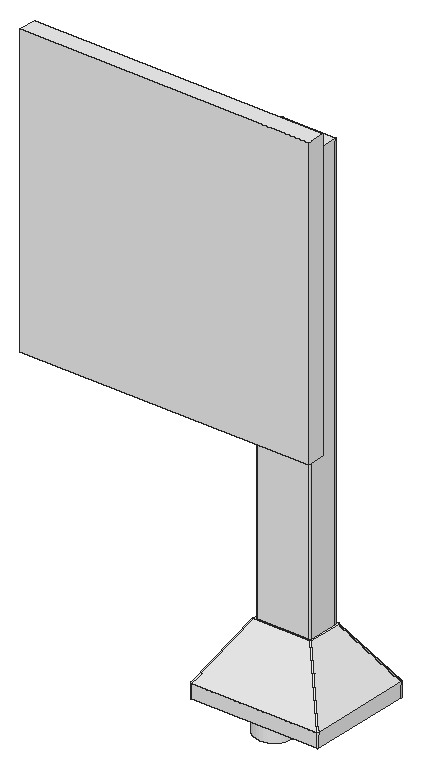
Revit family "Showerhead_Contemporary_Lloyd_8in-Rain_TS930A1_A1L_TOTO", category Plumbing Fixtures, host Face, Revit 2013
Parameters (values of type "TS930A1L")
  ecoScorecard_data = " "
  ecoScorecard Product Page = "  "
  Width = 7 7/8"  # constant formula
  Waste Connection = no
  Warranty URL = "http://www.totousa.com/Support/WarrantyInformation.aspx"
  Warranty = "Lifetime Limited Warranty (Residential Use); One Year Limited (Commercial Use)"
  WFU = 0
  Vent Connection = no
  URL = "Lifetime Limited Warranty (Residential Use); One Year Limited (Commercial Use)"
  Toto BIM Number = "BM-00111"  # constant formula
  Tempered Water Connection Diameter = Tempered Water Connection NPT * 2  # 1"
  Tempered Water Connection NPT = 1/2"
  Subcategory = "Showers"
  Style = "Contemporary"  # constant formula
  Spec Sheet URL = "http://assets.totousa.com/product-files/SS-00322_TS930A1.pdf"
  Shipping Weight = 12.20 lbf
  Series = "Lloyd"
  Product Page URL = " "
  Parts Manual URL = " "
  Owners Manual URL = "  "
  Model = "TS930A1"  # constant formula
  Manufacturer Toll Free Phone = "1-888-295-8134"  # constant formula
  Manufacturer Phone = "(770) 282-8686 "  # constant formula
  Manufacturer Fax = "(770) 282-0002"  # constant formula
  Manufacturer Email = "mailto:custservice@totousa.com "
  Manufacturer Address = "1155 Southern Road, Morrow, Georgia 30260"  # constant formula
  Manufacturer = "TOTO USA, Inc."
  Installation URL = " "
  Hot Water Connector = "Hot Water Connection"  # constant formula
  Hot Water Connection Radius = 1/2"
  Hot Water Connection Diameter = Hot Water Connection Radius * 2  # 1"
  Height = 5 15/16"  # constant formula
  HWFU = 0
  HW Connection = yes
  Flow Rate = 1.75 GPM
  Finish = Metal - TOTO - Chrome - Polished
  Description = "Rain Showerhead 8\",\",\",http://www.totousa.com\""
  Depth = 16 15/16"  # constant formula
  Default Elevation = 77"
  Cost Info = "http://www.totousa.com/Portals/0/ProductDownloads/0GU4103_SQUARE_SHOWERHEADS_IM_OM.pdf"
  Color Availability = "#CP Polished Chrome, #BN Brushed Nickel, #PN Polished Nickel"  # constant formula
  Cold Water Connector = "Cold Water Connection"  # constant formula
  Cold Water Connection Radius = 1/2"
  Cold Water Connection Diameter = Cold Water Connection Radius * 2  # 1"
  CWFU = 0
  CW Connection = no
  CAD Drawing URL = "http://assets.totousa.com/product-files/AD-00301_TS930A1_L.dxf"
  Assembly Code = "D2010710"
  95 CSI = "15416"  # constant formula
  04 CSI = "22 41 39"  # constant formula
Reference planes (in)
  plane 1 "Center (Front/Back)": y = 0
  plane 2: z = 0
  plane 3 "Center (Left/Right)": x = 0
  plane 4: z = 0.38
  plane 5: y = 1.4375
  plane 6: y = -1.4375
  plane 7: x = 1.75
  plane 8: x = -1.75
  plane 9: z = 1.875
  plane 10: z = 13
  plane 11: z = 13.75
  plane 12: y = -4.5
  plane 13: y = -4
  plane 14: x = 3.9375
  plane 15: x = -3.9375
  plane 16: z = 16.9375
  plane 17: z = 9.0625
Dimensions and locks (in)
  plane 8 to plane 3 "Center (Left/Right)" to plane 7 = 1 3/4" locked, 1 3/4" locked
  locked: plane 4 to plane 2 at 0.38
  locked: plane 9 to plane 2 at 1.875
  locked: plane 10 to plane 2 at 13
  locked: plane 11 to plane 10 at 0.75
  locked: plane 12 to plane 1 "Center (Front/Back)" at 4.5
  locked: plane 12 to plane 13 at 0.5
  equal spacing: plane 15, plane 3 "Center (Left/Right)", plane 14
  "Width": plane 15 to plane 14
  locked: plane 16 to plane 17 at 7.875
  "Depth": plane 16 to plane 2
  "Height": plane 12 to plane 5
  locked: plane 5 to plane 6 at 2.875
  aligned and locked: plane 2 to host face
  aligned and locked: level to host face
  aligned and locked: plane 3 "Center (Left/Right)" to nested 1
  aligned and locked: plane 1 "Center (Front/Back)" to nested 1
Automatic sketch dimensions
  host sketch curve to host sketch curve = 96"  (x2)
Nested families (in)
  nested 1: "TS930A1L" at (0, 0, 0), type "TS930A1L"
    with Flow Pressure 0.00 psi
Connectors (in)
  piping at (0, 0.73437, -0.5), driven by "Cold Water Connection Radius", driven by "CW Connection", driven by "CW Connection", driven by "CWFU", driven by "Cold Water Connector"
    settings: on nested 1, index 1, connector radius 1/2", flow factor 0, pipe flow 0.00 GPM, pressure drop 0.00 psi, fitting loss kfactor 0, connector angle 0.00°, fixture units 0, engagement length 0", flow configuration 3, flow direction 1, fitting loss method 0, system type 20, joint type 0, gender type 0, connector reference index -1, connector utility 0, adjustable connector no, is connector primary yes, fitting loss table "", connector description "Cold Water Connection"
  piping at (0, -0.73438, -0.5), driven by "Hot Water Connector", driven by "HW Connection", driven by "Hot Water Connection Radius", driven by "HW Connection", driven by "HWFU"
    settings: on nested 1, index 2, connector radius 1/2", flow factor 0, pipe flow 0.00 GPM, pressure drop 0.00 psi, fitting loss kfactor 0, connector angle 0.00°, fixture units 0, engagement length 0", flow configuration 3, flow direction 1, fitting loss method 0, system type 19, joint type 0, gender type 0, connector reference index -1, connector utility 1, adjustable connector yes, is connector primary no, fitting loss table "", connector description "Hot Water Connection"
Definition of nested family "TS930A1L"
  Parameters (values of type "TS930A1L")
    Waste Connection = no
    WFU = 0
    Vent Connection = yes
    URL = ""
    Tempered Water Connection Radius = Tempered Water Connection NPT / 2  # 1/4"
    Tempered Water Connection NPT = 1/2"
    Showerhead Material = Metal - TOTO - Chrome - Polished
    Nominal Width = 7 7/8"  # constant formula
    Nominal Height = 5 15/16"  # constant formula
    Nominal Depth = 16 15/16"  # constant formula
    Model = ""
    Manufacturer = ""
    HWFU = 0
    HW Connection = yes
    Flow Pressure [instance] = 0.00 psi
    Description = ""
    Default Elevation = 77"
    CWFU = 0
    CW Connection = yes
    Assembly Code = ""
  Reference planes (in)
    plane 1 "Center (Front/Back)": y = 0
    plane 2: z = 0
    plane 3 "Center (Left/Right)": x = 0
    plane 4: z = 0.38
    plane 5: y = 1.4375
    plane 6: y = -1.4375
    plane 7: x = 1.75
    plane 8: x = -1.75
    plane 9: z = 1.875
    plane 10: z = 13
    plane 11: z = 13.75
    plane 12: y = -4.5
    plane 13: y = -4
    plane 14: x = 3.9375
    plane 15: x = -3.9375
    plane 16: z = 16.9375
    plane 17: z = 9.0625
  Forms (in)
    Extrusion 1, solid
      sketch origin (0, 0, 0) x (1, 0, 0) y (0, 1, 0)
        loop
          line (-48, 48) -> (-48, -48) -> (48, -48) -> (48, 48) -> (-48, 48)
      from 0 to -12
    Extrusion 2, solid, material "Metal - TOTO - Chrome - Polished" <- "Showerhead Material", detail levels fine
      sketch origin (0, 0, 0) x (1, 0, 0) y (0, 1, 0)
        loop
          line (-1.71094, -1.4375) -> (1.71094, -1.4375)
          arc (1.71094, -1.4375) -> (1.73856, -1.42606) -> (1.75, -1.39844) r 0.03906
          line (1.75, -1.39844) -> (1.75, 1.39844)
          arc (1.75, 1.39844) -> (1.73856, 1.42606) -> (1.71094, 1.4375) r 0.03906
          line (1.71094, 1.4375) -> (-1.71094, 1.4375)
          arc (-1.71094, 1.4375) -> (-1.73856, 1.42606) -> (-1.75, 1.39844) r 0.03906
          line (-1.75, 1.39844) -> (-1.75, -1.39844)
          arc (-1.75, -1.39844) -> (-1.73856, -1.42606) -> (-1.71094, -1.4375) r 0.03906
      from 0 to 0.38
    Blend 3, solid, material "Metal - TOTO - Chrome - Polished" <- "Showerhead Material", detail levels fine
      base sketch origin (3.25, -180, 0.38) x (-1, 0, 0) y (0, -1, 0)
        loop
          line (5, -181.39844) -> (5, -178.60156)
          arc (5, -178.60156) -> (4.98856, -178.57394) -> (4.96094, -178.5625) r 0.03906
          line (4.96094, -178.5625) -> (1.53906, -178.5625)
          arc (1.53906, -178.5625) -> (1.51144, -178.57394) -> (1.5, -178.60156) r 0.03906
          line (1.5, -178.60156) -> (1.5, -181.39844)
          arc (1.5, -181.39844) -> (1.51144, -181.42606) -> (1.53906, -181.4375) r 0.03906
          line (1.53906, -181.4375) -> (4.96094, -181.4375)
          arc (4.96094, -181.4375) -> (4.98856, -181.42606) -> (5, -181.39844) r 0.03906
      top sketch origin (3.25, -180, 0.38) x (-1, 0, 0) y (0, -1, 0)
        loop
          line (2.48906, -180.49) -> (4.01094, -180.49)
          arc (4.01094, -180.49) -> (4.03856, -180.47856) -> (4.05, -180.45094) r 0.03906
          line (4.05, -180.45094) -> (4.05, -179.54906)
          arc (4.05, -179.54906) -> (4.03856, -179.52144) -> (4.01094, -179.51) r 0.03906
          line (4.01094, -179.51) -> (2.48906, -179.51)
          arc (2.48906, -179.51) -> (2.46144, -179.52144) -> (2.45, -179.54906) r 0.03906
          line (2.45, -179.54906) -> (2.45, -180.45094)
          arc (2.45, -180.45094) -> (2.46144, -180.47856) -> (2.48906, -180.49) r 0.03906
      from 0 to 1.495
    Extrusion 4, solid, material "Metal - TOTO - Chrome - Polished" <- "Showerhead Material", detail levels fine
      sketch origin (3.25, -180, 1.875) x (-1, 0, 0) y (0, -1, 0)
        loop
          arc (2.51, -180.40594) -> (2.52144, -180.43356) -> (2.54906, -180.445) r 0.03906
          line (2.54906, -180.445) -> (3.95094, -180.445)
          arc (3.95094, -180.445) -> (3.97856, -180.43356) -> (3.99, -180.40594) r 0.03906
          line (3.99, -180.40594) -> (3.99, -179.59406)
          arc (3.99, -179.59406) -> (3.97856, -179.56644) -> (3.95094, -179.555) r 0.03906
          line (3.95094, -179.555) -> (2.54906, -179.555)
          arc (2.54906, -179.555) -> (2.52144, -179.56644) -> (2.51, -179.59406) r 0.03906
          line (2.51, -179.59406) -> (2.51, -180.40594)
      from 0 to 11.875
    Extrusion 5, solid, material "Metal - TOTO - Chrome - Polished" <- "Showerhead Material"
      sketch origin (1.5, -4.5, 48) x (-1, 0, 0) y (0, 0, -1)
        loop
          line (-2.4375, 38.9375) -> (-2.4375, 31.0625) -> (5.4375, 31.0625) -> (5.4375, 38.9375) -> (-2.4375, 38.9375)
      from 0 to -0.5
    Revolve 6, solid, material "Metal - TOTO - Chrome - Polished" <- "Showerhead Material", detail levels fine
      sketch origin (3.25, -180, 13) x (-1, 0, 0) y (0, -1, 0)
        loop
          line (3.25, -176) -> (2.22, -176) -> (2.22, -176.70609)
          arc (2.22, -176.70609) -> (2.22993, -176.73007) -> (2.25391, -176.74) r 0.03391
          line (2.25391, -176.74) -> (2.45, -176.74) -> (2.45, -177.76016) -> (2.53, -178.15016) -> (2.73828, -178.15016) -> (2.73828, -178.90063) -> (2.58984, -178.90063) -> (2.58984, -179.555) -> (3.25, -179.555) -> (3.25, -176)
        axis (3.25, -179.555) -> (3.25, -176)
      angle from 0 to 360
    Extrusion 7, solid, material "Metal - TOTO - Chrome - Polished" <- "Showerhead Material"
      sketch origin (0, 0, 0) x (1, 0, 0) y (0, 1, 0)
        loop
          circle (0, 0.73437) r 0.5
        loop
          circle (0, -0.73438) r 0.5
      from 0 to -0.5
    Extrusion 8, solid, material "Metal - TOTO - Chrome - Polished" <- "Showerhead Material", detail levels coarse+medium
      sketch origin (0, 0, 0) x (0, 1, 0) y (0, 0, 1)
        loop
          line (1.4375, 0) -> (1.4375, 14.03) -> (-4, 14.03) -> (-4, 11.97) -> (-1.4375, 11.97) -> (-1.4375, 0) -> (1.4375, 0)
      from -1.75 to 1.75
  Lines and regions (in)
    symbolic lines, detail levels coarse
      curve 1: line (-1.75, 1.4375, 0) -> (1.75, 1.4375, 0)
      curve 2: line (-1.75, -1.4375, 0) -> (-1.75, 1.4375, 0)
      curve 3: line (-1.75, -1.4375, 0) -> (1.75, -1.4375, 0)
      curve 4: line (1.75, -1.4375, 0) -> (1.75, 1.4375, 0)
    symbolic lines
      curve 5: line (-1.03, -4, 0) -> (-1.03, -3.29391, 0)
      curve 6: line (1.03, -4, 0) -> (1.03, -3.29391, 0)
      curve 7: line (-3.9375, -4, 0) -> (3.9375, -4, 0)
      curve 8: line (-3.9375, -4.5, 0) -> (3.9375, -4.5, 0)
      curve 9: line (-3.9375, -4.5, 0) -> (-3.9375, -4, 0)
      curve 10: line (3.9375, -4.5, 0) -> (3.9375, -4, 0)
      curve 12: line (-1.71094, 1.4375, 0) -> (1.71094, 1.4375, 0)
      curve 14: line (1.75, 1.39844, 0) -> (1.75, -1.39844, 0)
      curve 16: line (1.71094, -1.4375, 0) -> (-1.71094, -1.4375, 0)
      curve 18: line (-1.75, -1.39844, 0) -> (-1.75, 1.39844, 0)
      curve 43: line (3.9375, 0, 16.9375) -> (-3.9375, 0, 16.9375)
      curve 44: line (-3.9375, 0, 9.0625) -> (-3.9375, 0, 16.9375)
      curve 45: line (3.9375, 0, 9.0625) -> (3.9375, 0, 16.9375)
      curve 46: line (3.9375, 0, 9.0625) -> (1.75, 0, 9.0625)
      curve 49: line (-1.75, 0, 0) -> (1.75, 0, 0)
      curve 61: arc (-0.70597, 0, 13.75) -> (0, 0, 14.03) -> (0.70597, 0, 13.75) r 1.03
      curve 67: line (-1.75, 0, 9.0625) -> (-3.9375, 0, 9.0625)
      curve 68: line (0, -4.5, 9.0625) -> (0, -4.5, 16.9375)
      curve 69: line (0, -4, 9.0625) -> (0, -4, 16.9375)
      curve 70: line (0, -4.5, 16.9375) -> (0, -4, 16.9375)
      curve 71: line (0, -4.5, 9.0625) -> (0, -4, 9.0625)
      curve 72: line (0, 1.4375, 0) -> (0, 1.4375, 0.38)
      curve 73: line (0, -1.4375, 0) -> (0, -1.4375, 0.38)
      curve 74: line (0, -4, 14.03) -> (0, -3.29427, 14.03)
      curve 75: line (0, 1.4375, 0) -> (0, -1.4375, 0)
      curve 96: line (0, -3.29339, 11.97) -> (0, -4, 11.97)
    symbolic lines, detail levels medium+fine
      curve 11: arc (-1.75, 1.39844, 0) -> (-1.73856, 1.42606, 0) -> (-1.71094, 1.4375, 0) r 0.03906
      curve 13: arc (1.71094, 1.4375, 0) -> (1.73856, 1.42606, 0) -> (1.75, 1.39844, 0) r 0.03906
      curve 15: arc (1.75, -1.39844, 0) -> (1.73856, -1.42606, 0) -> (1.71094, -1.4375, 0) r 0.03906
      curve 17: arc (-1.71094, -1.4375, 0) -> (-1.73856, -1.42606, 0) -> (-1.75, -1.39844, 0) r 0.03906
      curve 39: arc (-0.99609, -3.26, 0) -> (-1.02007, -3.26993, 0) -> (-1.03, -3.29391, 0) r 0.03391
      curve 40: arc (0.99609, -3.26, 0) -> (1.02007, -3.26993, 0) -> (1.03, -3.29391, 0) r 0.03391
      curve 50: line (1.75, 0, 0) -> (1.75, 0, 0.38)
      curve 51: line (-1.75, 0, 0) -> (-1.75, 0, 0.38)
      curve 57: line (0.74, 0, 13.75) -> (-0.74, 0, 13.75)
      curve 64: line (-0.74, 0, 9.0625) -> (-1.75, 0, 9.0625)
      curve 66: line (1.75, 0, 9.0625) -> (0.74, 0, 9.0625)
      curve 94: arc (0, -3.26, 12.00339) -> (0, -3.26978, 11.97978) -> (0, -3.29339, 11.97) r 0.03339
    symbolic lines, detail levels fine
      curve 19: line (-0.8, 0.45094, 0) -> (-0.8, -0.45094, 0)
      curve 20: arc (-0.8, -0.45094, 0) -> (-0.78856, -0.47856, 0) -> (-0.76094, -0.49, 0) r 0.03906
      curve 21: line (-0.76094, -0.49, 0) -> (0.76094, -0.49, 0)
      curve 22: arc (0.76094, -0.49, 0) -> (0.78856, -0.47856, 0) -> (0.8, -0.45094, 0) r 0.03906
      curve 23: line (0.8, -0.45094, 0) -> (0.8, 0.45094, 0)
      curve 24: arc (0.8, 0.45094, 0) -> (0.78856, 0.47856, 0) -> (0.76094, 0.49, 0) r 0.03906
      curve 25: line (0.76094, 0.49, 0) -> (-0.76094, 0.49, 0)
      curve 26: arc (-0.76094, 0.49, 0) -> (-0.78856, 0.47856, 0) -> (-0.8, 0.45094, 0) r 0.03906
      curve 27: line (0.66016, -1.09937, 0) -> (-0.66016, -1.09937, 0)
      curve 28: line (-0.66016, -1.09937, 0) -> (-0.66016, -0.49, 0)
      curve 29: line (0.66016, -1.09937, 0) -> (0.66016, -0.49, 0)
      curve 30: line (-0.51172, -1.84984, 0) -> (-0.51172, -1.09937, 0)
      curve 31: line (0.51172, -1.84984, 0) -> (0.51172, -1.09937, 0)
      curve 32: line (0.72, -1.84984, 0) -> (-0.72, -1.84984, 0)
      curve 33: line (-0.8, -2.23984, 0) -> (0.8, -2.23984, 0)
      curve 34: line (0.99609, -3.26, 0) -> (-0.99609, -3.26, 0)
      curve 35: line (-0.8, -3.26, 0) -> (-0.8, -2.23984, 0)
      curve 36: line (0.8, -3.26, 0) -> (0.8, -2.23984, 0)
      curve 37: line (-0.8, -2.23984, 0) -> (-0.72, -1.84984, 0)
      curve 38: line (0.8, -2.23984, 0) -> (0.72, -1.84984, 0)
      curve 52: line (1.75, 0, 0.38) -> (0.8, 0, 1.875)
      curve 53: line (0.8, 0, 1.875) -> (-0.8, 0, 1.875)
      curve 54: line (-1.75, 0, 0.38) -> (-0.8, 0, 1.875)
      curve 55: line (1.75, 0, 0.38) -> (-1.75, 0, 0.38)
      curve 56: line (0.74, 0, 1.875) -> (0.74, 0, 13.75)
      curve 58: line (-0.74, 0, 13.75) -> (-0.74, 0, 1.875)
      curve 59: arc (-1.03, 0, 13) -> (-0.95475, 0, 13.38646) -> (-0.74, 0, 13.71645) r 1.03
      curve 60: arc (1.03, 0, 13) -> (0.95475, 0, 12.61354) -> (0.74, 0, 12.28355) r 1.03
      curve 62: arc (0.74, 0, 13.71645) -> (0.95475, 0, 13.38646) -> (1.03, 0, 13) r 1.03
      curve 63: arc (-0.74, 0, 12.28355) -> (-0.95475, 0, 12.61354) -> (-1.03, 0, 13) r 1.03
      curve 77: line (0, 1.4375, 0.38) -> (0, -1.4375, 0.38)
      curve 78: line (0, 0.49, 1.875) -> (0, -0.49, 1.875)
      curve 79: line (0, 0.445, 13.75) -> (0, -0.445, 13.75)
      curve 80: line (0, 0.445, 13.75) -> (0, 0.445, 1.875)
      curve 81: line (0, -0.445, 13.75) -> (0, -0.445, 1.875)
      curve 82: line (0, 1.4375, 0.38) -> (0, 0.49, 1.875)
      curve 83: line (0, -1.4375, 0.38) -> (0, -0.49, 1.875)
      curve 86: line (0, -1.09937, 13.66016) -> (0, -0.445, 13.66016)
      curve 87: line (0, -1.09937, 12.33984) -> (0, -0.445, 12.33984)
      curve 88: line (0, -1.09937, 12.33984) -> (0, -1.09937, 13.66016)
      curve 89: line (0, -1.84984, 13.51172) -> (0, -1.09937, 13.51172)
      curve 90: line (0, -1.84984, 12.48828) -> (0, -1.09937, 12.48828)
      curve 91: line (0, -1.84984, 13.72) -> (0, -1.84984, 12.28)
      curve 92: line (0, -2.23984, 13.8) -> (0, -2.23984, 12.2)
      curve 93: line (0, -3.26, 12.00339) -> (0, -3.26, 13.99573)
      curve 95: arc (0, -3.26, 13.99573) -> (0, -3.27004, 14.01996) -> (0, -3.29427, 14.03) r 0.03427
      curve 98: line (0, -1.84984, 13.72) -> (0, -2.23984, 13.8)
      curve 99: line (0, -1.84984, 12.28) -> (0, -2.23984, 12.2)
      curve 100: line (0, -2.23984, 13.8) -> (0, -3.26, 13.8)
      curve 101: line (0, -2.23984, 12.2) -> (0, -3.26, 12.2)
    symbolic lines, detail levels coarse+medium
      curve 41: line (-1.03, -3.29391, 0) -> (-1.03, -1.4375, 0)
      curve 42: line (1.03, -3.29391, 0) -> (1.03, -1.4375, 0)
      curve 47: line (-1.75, 0, 0) -> (-1.75, 0, 13.75)
      curve 48: line (1.75, 0, 0) -> (1.75, 0, 13.75)
      curve 65: line (1.75, 0, 13.75) -> (-1.75, 0, 13.75)
      curve 76: line (0, -1.4375, 11.97) -> (0, -3.29339, 11.97)
      curve 84: line (0, -1.4375, 0.38) -> (0, -1.4375, 14.03)
      curve 85: line (0, 1.4375, 0.38) -> (0, 1.4375, 14.03)
      curve 97: line (0, -3.29427, 14.03) -> (0, 1.4375, 14.03)
  Dimensions and locks (in)
    plane 8 to plane 3 "Center (Left/Right)" to plane 7 = 1 3/4" locked, 1 3/4" locked
    locked: plane 4 to plane 2 at 0.38
    locked: plane 9 to plane 2 at 1.875
    Blend 3 sketch curve to plane 3 "Center (Left/Right)" to Blend 3 sketch curve = 0.8" locked, 0.8" locked
    Blend 3 sketch curve to plane 1 "Center (Front/Back)" to Blend 3 sketch curve = 0.49" locked, 0.49" locked
    locked: plane 10 to plane 2 at 13
    locked: plane 11 to plane 10 at 0.75
    Extrusion 4 sketch curve to plane 3 "Center (Left/Right)" to Extrusion 4 sketch curve = 0.74" locked, 0.74" locked
    Extrusion 4 sketch curve to plane 1 "Center (Front/Back)" to Extrusion 4 sketch curve = 0.445" locked, 0.445" locked
    locked: plane 12 to plane 1 "Center (Front/Back)" at 4.5
    locked: plane 12 to plane 13 at 0.5
    equal spacing: plane 15, plane 3 "Center (Left/Right)", plane 14
    "Nominal Width": plane 15 to plane 14
    plane 3 "Center (Left/Right)" to Revolve 6 sketch curve to Revolve 6 sketch curve to Revolve 6 sketch curve to Revolve 6 sketch curve = 131/256" locked, 19/128" locked, 0.13984" locked, 0.23" locked
    locked: plane 13 to Revolve 6 sketch curve at 1.76016
    plane 13 to Revolve 6 sketch curve to Revolve 6 sketch curve to Revolve 6 sketch curve = 0.74" locked, 1 105/256" locked, 0.75047" locked
    plane 1 "Center (Front/Back)" to Extrusion 7 sketch curve = 47/64"
    locked: plane 3 "Center (Left/Right)" to Extrusion 7 sketch curve at 0
    locked: plane 2 to Extrusion 7 at 0.5
    locked: plane 16 to plane 17 at 7.875
    "Nominal Depth": plane 16 to plane 2
    "Nominal Height": plane 12 to plane 5
    locked: plane 5 to plane 6 at 2.875
    radius of Extrusion 2 sketch curve = 5/128"  (x4)
    radius of Blend 3 sketch curve = 5/128"  (x4)
    radius of Extrusion 4 sketch curve = 5/128"  (x4)
    aligned and locked: plane 2 to Extrusion 1
    aligned and locked: level to Extrusion 1
    aligned: plane 8 to Extrusion 2 sketch curve
    aligned and locked: plane 6 to Extrusion 2 sketch curve
    aligned: plane 5 to Extrusion 2 sketch curve
    aligned and locked: Extrusion 2 sketch curve to plane 7
    aligned and locked: Extrusion 2 sketch curve to plane 8
    aligned and locked: plane 5 to Extrusion 2 sketch curve
    aligned and locked: Extrusion 2 to plane 2
    aligned and locked: plane 4 to Extrusion 2
    aligned and locked: Blend 3 sketch curve to Extrusion 2  (x4)
    aligned and locked: Blend 3 to plane 4
    aligned and locked: plane 9 to Blend 3
    aligned and locked: Extrusion 4 to plane 9
    aligned and locked: plane 11 to Extrusion 4
    aligned and locked: plane 14 to Extrusion 5 sketch curve  (x2)
    aligned and locked: plane 17 to Extrusion 5 sketch curve
    aligned and locked: plane 16 to Extrusion 5 sketch curve
    aligned and locked: plane 15 to Extrusion 5 sketch curve
    aligned and locked: Extrusion 5 to plane 12
    aligned and locked: Extrusion 5 to plane 13
    aligned and locked: plane 3 "Center (Left/Right)" to Revolve 6 sketch curve
    aligned and locked: plane 13 to Revolve 6 sketch curve
    aligned and locked: Revolve 6 sketch curve to plane 3 "Center (Left/Right)"
    aligned and locked: Extrusion 4 to Revolve 6 sketch curve
    aligned and locked: plane 2 to Extrusion 7
    aligned and locked: curve 1 to plane 5
    aligned and locked: plane 8 to curve 2
    aligned and locked: plane 6 to curve 3
    aligned and locked: curve 4 to plane 7
    aligned and locked: plane 13 to curve 7
    aligned and locked: plane 12 to curve 8
    aligned and locked: plane 15 to curve 9
    aligned and locked: curve 10 to plane 14
    aligned and locked: curve 11 to Blend 3
    aligned and locked: curve 13 to Blend 3
    aligned and locked: curve 15 to Blend 3
    aligned and locked: curve 17 to Blend 3
    aligned and locked: curve 20 to Blend 3
    aligned and locked: curve 22 to Blend 3
    aligned and locked: curve 24 to Blend 3
    aligned and locked: curve 26 to Blend 3
    aligned and locked: curve 27 to Revolve 6
    aligned and locked: curve 32 to Revolve 6
    aligned and locked: curve 33 to Revolve 6
    aligned and locked: curve 34 to Revolve 6
    aligned and locked: curve 43 to plane 16
    aligned and locked: plane 15 to curve 44
    aligned and locked: curve 45 to plane 14
    aligned and locked: plane 17 to curve 46
    aligned and locked: plane 8 to curve 47
    aligned and locked: curve 48 to plane 7
    aligned and locked: curve 49 to level
    aligned and locked: curve 59 to Revolve 6
    aligned and locked: curve 60 to Revolve 6
    aligned and locked: curve 68 to plane 12
    aligned and locked: curve 69 to plane 13
    aligned and locked: plane 16 to curve 70
    aligned and locked: curve 71 to plane 17
    aligned and locked: plane 5 to curve 72
    aligned and locked: curve 73 to plane 6
    aligned and locked: plane 4 to curve 77
    aligned and locked: plane 9 to curve 78
    aligned and locked: plane 11 to curve 79
  Automatic sketch dimensions
    Extrusion 1 sketch curve to Extrusion 1 sketch curve = 96"  (x2)
    Revolve 6 sketch curve to Revolve 6 sketch curve = 0.03391"
    Revolve 6 sketch curve to Revolve 6 sketch curve = 0.20828"
    plane 5 to Revolve 6 sketch curve = 0.5725"
    Revolve 6 sketch curve to Revolve 6 sketch curve = 1/2"
    plane 8 to curve 39 = 0.72"
    curve 39 to curve 39 = 0.03391"
    curve 33 to plane 3 "Center (Left/Right)" = 0.8"
    curve 33 to curve 32 = 0.08"
    curve 41 to curve 27 = 0.36984"
    curve 32 to curve 30 = 0.20828"
    curve 29 to curve 22 = 0.10078"
    curve 31 to curve 32 = 0.20828"
    curve 32 to curve 36 = 0.08"
    curve 36 to curve 40 = 0.19609"
    curve 27 to curve 42 = 0.36984"
    curve 40 to curve 40 = 0.03391"
    curve 40 to plane 13 = 0.70609"
    plane 6 to curve 37 = 0.80234"
    plane 6 to curve 30 = 0.41234"
    curve 27 to plane 6 = 0.33813"
    curve 59 to curve 61 = 0"  (x2)
    curve 59 to curve 62 = 0"
    curve 59 to curve 63 = 0"
    curve 54 to plane 9 = 0"
    curve 57 to plane 11 = 0"
    curve 64 to plane 17 = 0"
    curve 66 to plane 17 = 0"
    curve 55 to plane 4 = 0"
    curve 44 to plane 17 = 0"
    curve 48 to plane 11 = 0"
    curve 54 to plane 3 "Center (Left/Right)" = 0.8"
    curve 53 to curve 58 = 0.06"
    curve 57 to curve 61 = 0.03403"
    plane 3 "Center (Left/Right)" to curve 56 = 0.74"
    curve 56 to curve 53 = 0.06"
    curve 75 to level = 0"
    plane 11 to curve 95 = 0.24573"
    curve 95 to plane 13 = 0.70573"
    curve 94 to plane 13 = 0.70661"
    curve 94 to curve 94 = 0.03339"
    plane 11 to curve 100 = 0.05"
    plane 6 to curve 100 = 0.80234"
    curve 98 to plane 11 = 0.03"
    curve 92 to curve 98 = 0.39"
    curve 90 to plane 6 = 0.33813"
    plane 1 "Center (Front/Back)" to curve 78 = 0.49"
    curve 78 to curve 81 = 0.045"
    curve 80 to plane 1 "Center (Front/Back)" = 0.445"
    curve 80 to curve 78 = 0.045"
    curve 94 to plane 10 = 1.03"
    curve 93 to curve 94 = 0"
    curve 99 to plane 10 = 0.8"
    curve 92 to curve 91 = 0.08"
    curve 76 to curve 88 = 0.36984"
    curve 91 to curve 90 = 0.20828"
    curve 89 to curve 91 = 0.20828"
    curve 88 to plane 11 = 23/256"
    Extrusion 8 sketch curve to plane 5 = 0"
    plane 11 to Extrusion 8 sketch curve = 0.28"
    Extrusion 8 sketch curve to plane 10 = 1.03"
    Extrusion 8 sketch curve to level = 0"
    Extrusion 8 sketch curve to plane 13 = 0"
    Extrusion 8 sketch curve to plane 6 = 0"
    Extrusion 7 sketch curve to plane 3 "Center (Left/Right)" = 0"
    Extrusion 7 sketch curve to plane 6 = 45/64"
    radius of Extrusion 7 sketch curve = 1/2"  (x2)
